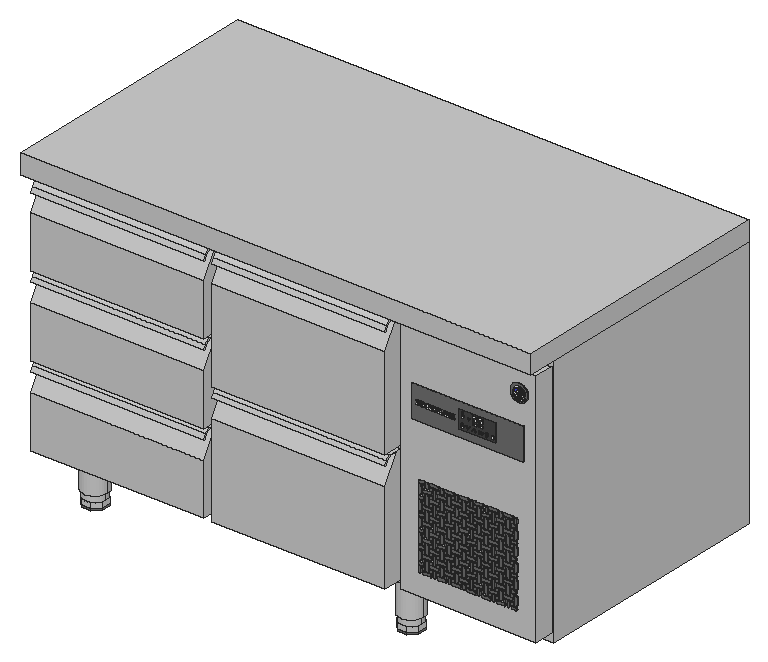
Revit family "QF_HOSHIZAKI_889000838", category Specialty Equipment, Revit 2016 (continued)
Definition of nested family "QF_HOSHIZAKI_889000838_230V_1Ph_50Hz"
  Definition of nested family "Control-panel"
    Forms (mm)
      Extrusion 1, solid
        sketch origin (-3653, 19.5, -135) x (-1, 0, 0) y (0, 0, 1)
          loop
            line (-3954.5, 317.986) -> (-3954.5, 299.986)
            arc (-3954.5, 299.986) -> (-3951, 296.486) -> (-3947.5, 299.986) r 3.5
            line (-3947.5, 299.986) -> (-3947.5, 317.986)
          loop
            arc (-3941, 312.486) -> (-3944.5, 308.986) -> (-3941, 305.486) r 3.5
            line (-3941, 305.486) -> (-3923, 305.486)
            arc (-3923, 305.486) -> (-3919.5, 308.986) -> (-3923, 312.486) r 3.5
            line (-3923, 312.486) -> (-3941, 312.486)
          loop
            arc (-3903, 312.486) -> (-3906.5, 308.986) -> (-3903, 305.486) r 3.5
            line (-3903, 305.486) -> (-3885, 305.486)
            arc (-3885, 305.486) -> (-3881.5, 308.986) -> (-3885, 312.486) r 3.5
            line (-3885, 312.486) -> (-3903, 312.486)
          loop
            arc (-3865, 312.486) -> (-3868.5, 308.986) -> (-3865, 305.486) r 3.5
            line (-3865, 305.486) -> (-3847, 305.486)
            arc (-3847, 305.486) -> (-3843.5, 308.986) -> (-3847, 312.486) r 3.5
            line (-3847, 312.486) -> (-3865, 312.486)
          loop
            arc (-3827, 312.486) -> (-3830.5, 308.986) -> (-3827, 305.486) r 3.5
            line (-3827, 305.486) -> (-3809, 305.486)
            arc (-3809, 305.486) -> (-3805.5, 308.986) -> (-3809, 312.486) r 3.5
            line (-3809, 312.486) -> (-3827, 312.486)
          loop
            arc (-3789, 312.486) -> (-3792.5, 308.986) -> (-3789, 305.486) r 3.5
            line (-3789, 305.486) -> (-3771, 305.486)
            arc (-3771, 305.486) -> (-3767.5, 308.986) -> (-3771, 312.486) r 3.5
            line (-3771, 312.486) -> (-3789, 312.486)
          loop
            arc (-3751, 312.486) -> (-3754.5, 308.986) -> (-3751, 305.486) r 3.5
            line (-3751, 305.486) -> (-3733, 305.486)
            arc (-3733, 305.486) -> (-3729.5, 308.986) -> (-3733, 312.486) r 3.5
            line (-3733, 312.486) -> (-3751, 312.486)
          loop
            arc (-3713, 312.486) -> (-3716.5, 308.986) -> (-3713, 305.486) r 3.5
            line (-3713, 305.486) -> (-3704, 305.486)
            arc (-3704, 305.486) -> (-3700.5, 308.986) -> (-3704, 312.486) r 3.5
            line (-3704, 312.486) -> (-3713, 312.486)
          loop
            line (-3938.025, 302.996) -> (-3945.025, 302.996) -> (-3945.025, 295.996) -> (-3938.025, 295.996) -> (-3938.025, 302.996)
          loop
            line (-3919.025, 302.996) -> (-3926.025, 302.996) -> (-3926.025, 295.996) -> (-3919.025, 295.996) -> (-3919.025, 302.996)
          loop
            line (-3900.025, 302.996) -> (-3907.025, 302.996) -> (-3907.025, 295.996) -> (-3900.025, 295.996) -> (-3900.025, 302.996)
          loop
            line (-3881.025, 302.996) -> (-3888.025, 302.996) -> (-3888.025, 295.996) -> (-3881.025, 295.996) -> (-3881.025, 302.996)
          loop
            line (-3862.025, 302.996) -> (-3869.025, 302.996) -> (-3869.025, 295.996) -> (-3862.025, 295.996) -> (-3862.025, 302.996)
          loop
            line (-3843.025, 302.996) -> (-3850.025, 302.996) -> (-3850.025, 295.996) -> (-3843.025, 295.996) -> (-3843.025, 302.996)
          loop
            line (-3824.025, 302.996) -> (-3831.025, 302.996) -> (-3831.025, 295.996) -> (-3824.025, 295.996) -> (-3824.025, 302.996)
          loop
            line (-3805.025, 302.996) -> (-3812.025, 302.996) -> (-3812.025, 295.996) -> (-3805.025, 295.996) -> (-3805.025, 302.996)
          loop
            line (-3786.025, 302.996) -> (-3793.025, 302.996) -> (-3793.025, 295.996) -> (-3786.025, 295.996) -> (-3786.025, 302.996)
          loop
            line (-3767.025, 302.996) -> (-3774.025, 302.996) -> (-3774.025, 295.996) -> (-3767.025, 295.996) -> (-3767.025, 302.996)
          loop
            line (-3748.025, 302.996) -> (-3755.025, 302.996) -> (-3755.025, 295.996) -> (-3748.025, 295.996) -> (-3748.025, 302.996)
          loop
            line (-3729.025, 302.996) -> (-3736.025, 302.996) -> (-3736.025, 295.996) -> (-3729.025, 295.996) -> (-3729.025, 302.996)
          loop
            line (-3710.025, 302.996) -> (-3717.025, 302.996) -> (-3717.025, 295.996) -> (-3710.025, 295.996) -> (-3710.025, 302.996)
          loop
            line (-3935.5, 298.986) -> (-3935.5, 280.986)
            arc (-3935.5, 280.986) -> (-3932, 277.486) -> (-3928.5, 280.986) r 3.5
            line (-3928.5, 280.986) -> (-3928.5, 298.986)
            arc (-3928.5, 298.986) -> (-3932, 302.486) -> (-3935.5, 298.986) r 3.5
          loop
            line (-3897.5, 298.986) -> (-3897.5, 280.986)
            arc (-3897.5, 280.986) -> (-3894, 277.486) -> (-3890.5, 280.986) r 3.5
            line (-3890.5, 280.986) -> (-3890.5, 298.986)
            arc (-3890.5, 298.986) -> (-3894, 302.486) -> (-3897.5, 298.986) r 3.5
          loop
            line (-3859.5, 298.986) -> (-3859.5, 280.986)
            arc (-3859.5, 280.986) -> (-3856, 277.486) -> (-3852.5, 280.986) r 3.5
            line (-3852.5, 280.986) -> (-3852.5, 298.986)
            arc (-3852.5, 298.986) -> (-3856, 302.486) -> (-3859.5, 298.986) r 3.5
          loop
            line (-3821.5, 298.986) -> (-3821.5, 280.986)
            arc (-3821.5, 280.986) -> (-3818, 277.486) -> (-3814.5, 280.986) r 3.5
            line (-3814.5, 280.986) -> (-3814.5, 298.986)
            arc (-3814.5, 298.986) -> (-3818, 302.486) -> (-3821.5, 298.986) r 3.5
          loop
            line (-3783.5, 298.986) -> (-3783.5, 280.986)
            arc (-3783.5, 280.986) -> (-3780, 277.486) -> (-3776.5, 280.986) r 3.5
            line (-3776.5, 280.986) -> (-3776.5, 298.986)
            arc (-3776.5, 298.986) -> (-3780, 302.486) -> (-3783.5, 298.986) r 3.5
          loop
            line (-3745.5, 298.986) -> (-3745.5, 280.986)
            arc (-3745.5, 280.986) -> (-3742, 277.486) -> (-3738.5, 280.986) r 3.5
            line (-3738.5, 280.986) -> (-3738.5, 298.986)
            arc (-3738.5, 298.986) -> (-3742, 302.486) -> (-3745.5, 298.986) r 3.5
          loop
            line (-3707.5, 298.986) -> (-3707.5, 280.986)
            arc (-3707.5, 280.986) -> (-3704, 277.486) -> (-3700.5, 280.986) r 3.5
            line (-3700.5, 280.986) -> (-3700.5, 298.986)
            arc (-3700.5, 298.986) -> (-3704, 302.486) -> (-3707.5, 298.986) r 3.5
          loop
            arc (-3922, 293.486) -> (-3925.5, 289.986) -> (-3922, 286.486) r 3.5
            line (-3922, 286.486) -> (-3904, 286.486)
            arc (-3904, 286.486) -> (-3900.5, 289.986) -> (-3904, 293.486) r 3.5
            line (-3904, 293.486) -> (-3922, 293.486)
          loop
            arc (-3884, 293.486) -> (-3887.5, 289.986) -> (-3884, 286.486) r 3.5
            line (-3884, 286.486) -> (-3866, 286.486)
            arc (-3866, 286.486) -> (-3862.5, 289.986) -> (-3866, 293.486) r 3.5
            line (-3866, 293.486) -> (-3884, 293.486)
          loop
            arc (-3846, 293.486) -> (-3849.5, 289.986) -> (-3846, 286.486) r 3.5
            line (-3846, 286.486) -> (-3828, 286.486)
            arc (-3828, 286.486) -> (-3824.5, 289.986) -> (-3828, 293.486) r 3.5
            line (-3828, 293.486) -> (-3846, 293.486)
          loop
            arc (-3808, 293.486) -> (-3811.5, 289.986) -> (-3808, 286.486) r 3.5
            line (-3808, 286.486) -> (-3790, 286.486)
            arc (-3790, 286.486) -> (-3786.5, 289.986) -> (-3790, 293.486) r 3.5
            line (-3790, 293.486) -> (-3808, 293.486)
          loop
            arc (-3770, 293.486) -> (-3773.5, 289.986) -> (-3770, 286.486) r 3.5
            line (-3770, 286.486) -> (-3752, 286.486)
            arc (-3752, 286.486) -> (-3748.5, 289.986) -> (-3752, 293.486) r 3.5
            line (-3752, 293.486) -> (-3770, 293.486)
          loop
            arc (-3732, 293.486) -> (-3735.5, 289.986) -> (-3732, 286.486) r 3.5
            line (-3732, 286.486) -> (-3714, 286.486)
            arc (-3714, 286.486) -> (-3710.5, 289.986) -> (-3714, 293.486) r 3.5
            line (-3714, 293.486) -> (-3732, 293.486)
          loop
            line (-3938.025, 276.976) -> (-3938.025, 283.976) -> (-3945.025, 283.976) -> (-3945.025, 276.976) -> (-3938.025, 276.976)
          loop
            line (-3919.025, 276.976) -> (-3919.025, 283.976) -> (-3926.025, 283.976) -> (-3926.025, 276.976) -> (-3919.025, 276.976)
          loop
            line (-3900.025, 276.976) -> (-3900.025, 283.976) -> (-3907.025, 283.976) -> (-3907.025, 276.976) -> (-3900.025, 276.976)
          loop
            line (-3881.025, 276.976) -> (-3881.025, 283.976) -> (-3888.025, 283.976) -> (-3888.025, 276.976) -> (-3881.025, 276.976)
          loop
            line (-3862.025, 276.976) -> (-3862.025, 283.976) -> (-3869.025, 283.976) -> (-3869.025, 276.976) -> (-3862.025, 276.976)
          loop
            line (-3843.025, 276.976) -> (-3843.025, 283.976) -> (-3850.025, 283.976) -> (-3850.025, 276.976) -> (-3843.025, 276.976)
          loop
            line (-3824.025, 276.976) -> (-3824.025, 283.976) -> (-3831.025, 283.976) -> (-3831.025, 276.976) -> (-3824.025, 276.976)
          loop
            line (-3805.025, 276.976) -> (-3805.025, 283.976) -> (-3812.025, 283.976) -> (-3812.025, 276.976) -> (-3805.025, 276.976)
          loop
            line (-3786.025, 276.976) -> (-3786.025, 283.976) -> (-3793.025, 283.976) -> (-3793.025, 276.976) -> (-3786.025, 276.976)
          loop
            line (-3767.025, 276.976) -> (-3767.025, 283.976) -> (-3774.025, 283.976) -> (-3774.025, 276.976) -> (-3767.025, 276.976)
          loop
            line (-3748.025, 276.976) -> (-3748.025, 283.976) -> (-3755.025, 283.976) -> (-3755.025, 276.976) -> (-3748.025, 276.976)
          loop
            line (-3729.025, 276.976) -> (-3729.025, 283.976) -> (-3736.025, 283.976) -> (-3736.025, 276.976) -> (-3729.025, 276.976)
          loop
            line (-3710.025, 276.976) -> (-3710.025, 283.976) -> (-3717.025, 283.976) -> (-3717.025, 276.976) -> (-3710.025, 276.976)
          loop
            arc (-3719.5, 279.986) -> (-3723, 283.486) -> (-3726.5, 279.986) r 3.5
            line (-3726.5, 279.986) -> (-3726.5, 261.986)
            arc (-3726.5, 261.986) -> (-3723, 258.486) -> (-3719.5, 261.986) r 3.5
            line (-3719.5, 261.986) -> (-3719.5, 279.986)
          loop
            arc (-3757.5, 279.986) -> (-3761, 283.486) -> (-3764.5, 279.986) r 3.5
            line (-3764.5, 279.986) -> (-3764.5, 261.986)
            arc (-3764.5, 261.986) -> (-3761, 258.486) -> (-3757.5, 261.986) r 3.5
            line (-3757.5, 261.986) -> (-3757.5, 279.986)
          loop
            arc (-3795.5, 279.986) -> (-3799, 283.486) -> (-3802.5, 279.986) r 3.5
            line (-3802.5, 279.986) -> (-3802.5, 261.986)
            arc (-3802.5, 261.986) -> (-3799, 258.486) -> (-3795.5, 261.986) r 3.5
            line (-3795.5, 261.986) -> (-3795.5, 279.986)
          loop
            arc (-3833.5, 279.986) -> (-3837, 283.486) -> (-3840.5, 279.986) r 3.5
            line (-3840.5, 279.986) -> (-3840.5, 261.986)
            arc (-3840.5, 261.986) -> (-3837, 258.486) -> (-3833.5, 261.986) r 3.5
            line (-3833.5, 261.986) -> (-3833.5, 279.986)
          loop
            arc (-3871.5, 279.986) -> (-3875, 283.486) -> (-3878.5, 279.986) r 3.5
            line (-3878.5, 279.986) -> (-3878.5, 261.986)
            arc (-3878.5, 261.986) -> (-3875, 258.486) -> (-3871.5, 261.986) r 3.5
            line (-3871.5, 261.986) -> (-3871.5, 279.986)
          loop
            arc (-3909.5, 279.986) -> (-3913, 283.486) -> (-3916.5, 279.986) r 3.5
            line (-3916.5, 279.986) -> (-3916.5, 261.986)
            arc (-3916.5, 261.986) -> (-3913, 258.486) -> (-3909.5, 261.986) r 3.5
            line (-3909.5, 261.986) -> (-3909.5, 279.986)
          loop
            arc (-3951, 292.986) -> (-3954, 289.986) -> (-3951, 286.986) r 3
            line (-3951, 286.986) -> (-3942, 286.986)
            arc (-3942, 286.986) -> (-3939, 289.986) -> (-3942, 292.986) r 3
            line (-3942, 292.986) -> (-3951, 292.986)
          loop
            arc (-3947.5, 279.986) -> (-3951, 283.486) -> (-3954.5, 279.986) r 3.5
            line (-3954.5, 279.986) -> (-3954.5, 261.986)
            arc (-3954.5, 261.986) -> (-3951, 258.486) -> (-3947.5, 261.986) r 3.5
            line (-3947.5, 261.986) -> (-3947.5, 279.986)
          loop
            arc (-3941, 274.486) -> (-3944.5, 270.986) -> (-3941, 267.486) r 3.5
            line (-3941, 267.486) -> (-3923, 267.486)
            arc (-3923, 267.486) -> (-3919.5, 270.986) -> (-3923, 274.486) r 3.5
            line (-3923, 274.486) -> (-3941, 274.486)
          loop
            arc (-3903, 274.486) -> (-3906.5, 270.986) -> (-3903, 267.486) r 3.5
            line (-3903, 267.486) -> (-3885, 267.486)
            arc (-3885, 267.486) -> (-3881.5, 270.986) -> (-3885, 274.486) r 3.5
            line (-3885, 274.486) -> (-3903, 274.486)
          loop
            arc (-3865, 274.486) -> (-3868.5, 270.986) -> (-3865, 267.486) r 3.5
            line (-3865, 267.486) -> (-3847, 267.486)
            arc (-3847, 267.486) -> (-3843.5, 270.986) -> (-3847, 274.486) r 3.5
            line (-3847, 274.486) -> (-3865, 274.486)
          loop
            arc (-3827, 274.486) -> (-3830.5, 270.986) -> (-3827, 267.486) r 3.5
            line (-3827, 267.486) -> (-3809, 267.486)
            arc (-3809, 267.486) -> (-3805.5, 270.986) -> (-3809, 274.486) r 3.5
            line (-3809, 274.486) -> (-3827, 274.486)
          loop
            arc (-3789, 274.486) -> (-3792.5, 270.986) -> (-3789, 267.486) r 3.5
            line (-3789, 267.486) -> (-3771, 267.486)
            arc (-3771, 267.486) -> (-3767.5, 270.986) -> (-3771, 274.486) r 3.5
            line (-3771, 274.486) -> (-3789, 274.486)
          loop
            arc (-3751, 274.486) -> (-3754.5, 270.986) -> (-3751, 267.486) r 3.5
            line (-3751, 267.486) -> (-3733, 267.486)
            arc (-3733, 267.486) -> (-3729.5, 270.986) -> (-3733, 274.486) r 3.5
            line (-3733, 274.486) -> (-3751, 274.486)
          loop
            arc (-3713, 274.486) -> (-3716.5, 270.986) -> (-3713, 267.486) r 3.5
            line (-3713, 267.486) -> (-3704, 267.486)
            arc (-3704, 267.486) -> (-3700.5, 270.986) -> (-3704, 274.486) r 3.5
            line (-3704, 274.486) -> (-3713, 274.486)
          loop
            line (-3938.025, 264.996) -> (-3945.025, 264.996) -> (-3945.025, 257.996) -> (-3938.025, 257.996) -> (-3938.025, 264.996)
          loop
            line (-3919.025, 264.996) -> (-3926.025, 264.996) -> (-3926.025, 257.996) -> (-3919.025, 257.996) -> (-3919.025, 264.996)
          loop
            line (-3900.025, 264.996) -> (-3907.025, 264.996) -> (-3907.025, 257.996) -> (-3900.025, 257.996) -> (-3900.025, 264.996)
          loop
            line (-3881.025, 264.996) -> (-3888.025, 264.996) -> (-3888.025, 257.996) -> (-3881.025, 257.996) -> (-3881.025, 264.996)
          loop
            line (-3862.025, 264.996) -> (-3869.025, 264.996) -> (-3869.025, 257.996) -> (-3862.025, 257.996) -> (-3862.025, 264.996)
          loop
            line (-3843.025, 264.996) -> (-3850.025, 264.996) -> (-3850.025, 257.996) -> (-3843.025, 257.996) -> (-3843.025, 264.996)
          loop
            line (-3824.025, 264.996) -> (-3831.025, 264.996) -> (-3831.025, 257.996) -> (-3824.025, 257.996) -> (-3824.025, 264.996)
          loop
            line (-3805.025, 264.996) -> (-3812.025, 264.996) -> (-3812.025, 257.996) -> (-3805.025, 257.996) -> (-3805.025, 264.996)
          loop
            line (-3786.025, 264.996) -> (-3793.025, 264.996) -> (-3793.025, 257.996) -> (-3786.025, 257.996) -> (-3786.025, 264.996)
          loop
            line (-3767.025, 264.996) -> (-3774.025, 264.996) -> (-3774.025, 257.996) -> (-3767.025, 257.996) -> (-3767.025, 264.996)
          loop
            line (-3748.025, 264.996) -> (-3755.025, 264.996) -> (-3755.025, 257.996) -> (-3748.025, 257.996) -> (-3748.025, 264.996)
          loop
            line (-3729.025, 264.996) -> (-3736.025, 264.996) -> (-3736.025, 257.996) -> (-3729.025, 257.996) -> (-3729.025, 264.996)
          loop
            line (-3710.025, 264.996) -> (-3717.025, 264.996) -> (-3717.025, 257.996) -> (-3710.025, 257.996) -> (-3710.025, 264.996)
          loop
            line (-3935.5, 260.986) -> (-3935.5, 242.986)
            arc (-3935.5, 242.986) -> (-3932, 239.486) -> (-3928.5, 242.986) r 3.5
            line (-3928.5, 242.986) -> (-3928.5, 260.986)
            arc (-3928.5, 260.986) -> (-3932, 264.486) -> (-3935.5, 260.986) r 3.5
          loop
            line (-3897.5, 260.986) -> (-3897.5, 242.986)
            arc (-3897.5, 242.986) -> (-3894, 239.486) -> (-3890.5, 242.986) r 3.5
            line (-3890.5, 242.986) -> (-3890.5, 260.986)
            arc (-3890.5, 260.986) -> (-3894, 264.486) -> (-3897.5, 260.986) r 3.5
          loop
            line (-3859.5, 260.986) -> (-3859.5, 242.986)
            arc (-3859.5, 242.986) -> (-3856, 239.486) -> (-3852.5, 242.986) r 3.5
            line (-3852.5, 242.986) -> (-3852.5, 260.986)
            arc (-3852.5, 260.986) -> (-3856, 264.486) -> (-3859.5, 260.986) r 3.5
          loop
            line (-3821.5, 260.986) -> (-3821.5, 242.986)
            arc (-3821.5, 242.986) -> (-3818, 239.486) -> (-3814.5, 242.986) r 3.5
            line (-3814.5, 242.986) -> (-3814.5, 260.986)
            arc (-3814.5, 260.986) -> (-3818, 264.486) -> (-3821.5, 260.986) r 3.5
          loop
            line (-3783.5, 260.986) -> (-3783.5, 242.986)
            arc (-3783.5, 242.986) -> (-3780, 239.486) -> (-3776.5, 242.986) r 3.5
            line (-3776.5, 242.986) -> (-3776.5, 260.986)
            arc (-3776.5, 260.986) -> (-3780, 264.486) -> (-3783.5, 260.986) r 3.5
          loop
            line (-3745.5, 260.986) -> (-3745.5, 242.986)
            arc (-3745.5, 242.986) -> (-3742, 239.486) -> (-3738.5, 242.986) r 3.5
            line (-3738.5, 242.986) -> (-3738.5, 260.986)
            arc (-3738.5, 260.986) -> (-3742, 264.486) -> (-3745.5, 260.986) r 3.5
          loop
            line (-3707.5, 260.986) -> (-3707.5, 242.986)
            arc (-3707.5, 242.986) -> (-3704, 239.486) -> (-3700.5, 242.986) r 3.5
            line (-3700.5, 242.986) -> (-3700.5, 260.986)
            arc (-3700.5, 260.986) -> (-3704, 264.486) -> (-3707.5, 260.986) r 3.5
          loop
            arc (-3922, 255.486) -> (-3925.5, 251.986) -> (-3922, 248.486) r 3.5
            line (-3922, 248.486) -> (-3904, 248.486)
            arc (-3904, 248.486) -> (-3900.5, 251.986) -> (-3904, 255.486) r 3.5
            line (-3904, 255.486) -> (-3922, 255.486)
          loop
            arc (-3884, 255.486) -> (-3887.5, 251.986) -> (-3884, 248.486) r 3.5
            line (-3884, 248.486) -> (-3866, 248.486)
            arc (-3866, 248.486) -> (-3862.5, 251.986) -> (-3866, 255.486) r 3.5
            line (-3866, 255.486) -> (-3884, 255.486)
          loop
            arc (-3846, 255.486) -> (-3849.5, 251.986) -> (-3846, 248.486) r 3.5
            line (-3846, 248.486) -> (-3828, 248.486)
            arc (-3828, 248.486) -> (-3824.5, 251.986) -> (-3828, 255.486) r 3.5
            line (-3828, 255.486) -> (-3846, 255.486)
          loop
            arc (-3808, 255.486) -> (-3811.5, 251.986) -> (-3808, 248.486) r 3.5
            line (-3808, 248.486) -> (-3790, 248.486)
            arc (-3790, 248.486) -> (-3786.5, 251.986) -> (-3790, 255.486) r 3.5
            line (-3790, 255.486) -> (-3808, 255.486)
          loop
            arc (-3770, 255.486) -> (-3773.5, 251.986) -> (-3770, 248.486) r 3.5
            line (-3770, 248.486) -> (-3752, 248.486)
            arc (-3752, 248.486) -> (-3748.5, 251.986) -> (-3752, 255.486) r 3.5
            line (-3752, 255.486) -> (-3770, 255.486)
          loop
            arc (-3732, 255.486) -> (-3735.5, 251.986) -> (-3732, 248.486) r 3.5
            line (-3732, 248.486) -> (-3714, 248.486)
            arc (-3714, 248.486) -> (-3710.5, 251.986) -> (-3714, 255.486) r 3.5
            line (-3714, 255.486) -> (-3732, 255.486)
          loop
            line (-3938.025, 238.976) -> (-3938.025, 245.976) -> (-3945.025, 245.976) -> (-3945.025, 238.976) -> (-3938.025, 238.976)
          loop
            line (-3919.025, 238.976) -> (-3919.025, 245.976) -> (-3926.025, 245.976) -> (-3926.025, 238.976) -> (-3919.025, 238.976)
          loop
            line (-3900.025, 238.976) -> (-3900.025, 245.976) -> (-3907.025, 245.976) -> (-3907.025, 238.976) -> (-3900.025, 238.976)
          loop
            line (-3881.025, 238.976) -> (-3881.025, 245.976) -> (-3888.025, 245.976) -> (-3888.025, 238.976) -> (-3881.025, 238.976)
          loop
            line (-3862.025, 238.976) -> (-3862.025, 245.976) -> (-3869.025, 245.976) -> (-3869.025, 238.976) -> (-3862.025, 238.976)
          loop
            line (-3843.025, 238.976) -> (-3843.025, 245.976) -> (-3850.025, 245.976) -> (-3850.025, 238.976) -> (-3843.025, 238.976)
          loop
            line (-3824.025, 238.976) -> (-3824.025, 245.976) -> (-3831.025, 245.976) -> (-3831.025, 238.976) -> (-3824.025, 238.976)
          loop
            line (-3805.025, 238.976) -> (-3805.025, 245.976) -> (-3812.025, 245.976) -> (-3812.025, 238.976) -> (-3805.025, 238.976)
          loop
            line (-3786.025, 238.976) -> (-3786.025, 245.976) -> (-3793.025, 245.976) -> (-3793.025, 238.976) -> (-3786.025, 238.976)
          loop
            line (-3767.025, 238.976) -> (-3767.025, 245.976) -> (-3774.025, 245.976) -> (-3774.025, 238.976) -> (-3767.025, 238.976)
          loop
            line (-3748.025, 238.976) -> (-3748.025, 245.976) -> (-3755.025, 245.976) -> (-3755.025, 238.976) -> (-3748.025, 238.976)
          loop
            line (-3729.025, 238.976) -> (-3729.025, 245.976) -> (-3736.025, 245.976) -> (-3736.025, 238.976) -> (-3729.025, 238.976)
          loop
            line (-3710.025, 238.976) -> (-3710.025, 245.976) -> (-3717.025, 245.976) -> (-3717.025, 238.976) -> (-3710.025, 238.976)
          loop
            arc (-3719.5, 241.986) -> (-3723, 245.486) -> (-3726.5, 241.986) r 3.5
            line (-3726.5, 241.986) -> (-3726.5, 223.986)
            arc (-3726.5, 223.986) -> (-3723, 220.486) -> (-3719.5, 223.986) r 3.5
            line (-3719.5, 223.986) -> (-3719.5, 241.986)
          loop
            arc (-3757.5, 241.986) -> (-3761, 245.486) -> (-3764.5, 241.986) r 3.5
            line (-3764.5, 241.986) -> (-3764.5, 223.986)
            arc (-3764.5, 223.986) -> (-3761, 220.486) -> (-3757.5, 223.986) r 3.5
            line (-3757.5, 223.986) -> (-3757.5, 241.986)
          loop
            arc (-3795.5, 241.986) -> (-3799, 245.486) -> (-3802.5, 241.986) r 3.5
            line (-3802.5, 241.986) -> (-3802.5, 223.986)
            arc (-3802.5, 223.986) -> (-3799, 220.486) -> (-3795.5, 223.986) r 3.5
            line (-3795.5, 223.986) -> (-3795.5, 241.986)
          loop
            arc (-3833.5, 241.986) -> (-3837, 245.486) -> (-3840.5, 241.986) r 3.5
            line (-3840.5, 241.986) -> (-3840.5, 223.986)
            arc (-3840.5, 223.986) -> (-3837, 220.486) -> (-3833.5, 223.986) r 3.5
            line (-3833.5, 223.986) -> (-3833.5, 241.986)
          loop
            arc (-3871.5, 241.986) -> (-3875, 245.486) -> (-3878.5, 241.986) r 3.5
            line (-3878.5, 241.986) -> (-3878.5, 223.986)
            arc (-3878.5, 223.986) -> (-3875, 220.486) -> (-3871.5, 223.986) r 3.5
            line (-3871.5, 223.986) -> (-3871.5, 241.986)
          loop
            arc (-3909.5, 241.986) -> (-3913, 245.486) -> (-3916.5, 241.986) r 3.5
            line (-3916.5, 241.986) -> (-3916.5, 223.986)
            arc (-3916.5, 223.986) -> (-3913, 220.486) -> (-3909.5, 223.986) r 3.5
            line (-3909.5, 223.986) -> (-3909.5, 241.986)
          loop
            arc (-3951, 254.986) -> (-3954, 251.986) -> (-3951, 248.986) r 3
            line (-3951, 248.986) -> (-3942, 248.986)
            arc (-3942, 248.986) -> (-3939, 251.986) -> (-3942, 254.986) r 3
            line (-3942, 254.986) -> (-3951, 254.986)
          loop
            arc (-3947.5, 241.986) -> (-3951, 245.486) -> (-3954.5, 241.986) r 3.5
            line (-3954.5, 241.986) -> (-3954.5, 223.986)
            arc (-3954.5, 223.986) -> (-3951, 220.486) -> (-3947.5, 223.986) r 3.5
            line (-3947.5, 223.986) -> (-3947.5, 241.986)
          loop
            arc (-3941, 236.486) -> (-3944.5, 232.986) -> (-3941, 229.486) r 3.5
            line (-3941, 229.486) -> (-3923, 229.486)
            arc (-3923, 229.486) -> (-3919.5, 232.986) -> (-3923, 236.486) r 3.5
            line (-3923, 236.486) -> (-3941, 236.486)
          loop
            arc (-3903, 236.486) -> (-3906.5, 232.986) -> (-3903, 229.486) r 3.5
            line (-3903, 229.486) -> (-3885, 229.486)
            arc (-3885, 229.486) -> (-3881.5, 232.986) -> (-3885, 236.486) r 3.5
            line (-3885, 236.486) -> (-3903, 236.486)
          loop
            arc (-3865, 236.486) -> (-3868.5, 232.986) -> (-3865, 229.486) r 3.5
            line (-3865, 229.486) -> (-3847, 229.486)
            arc (-3847, 229.486) -> (-3843.5, 232.986) -> (-3847, 236.486) r 3.5
            line (-3847, 236.486) -> (-3865, 236.486)
          loop
            arc (-3827, 236.486) -> (-3830.5, 232.986) -> (-3827, 229.486) r 3.5
            line (-3827, 229.486) -> (-3809, 229.486)
            arc (-3809, 229.486) -> (-3805.5, 232.986) -> (-3809, 236.486) r 3.5
            line (-3809, 236.486) -> (-3827, 236.486)
          loop
            arc (-3789, 236.486) -> (-3792.5, 232.986) -> (-3789, 229.486) r 3.5
            line (-3789, 229.486) -> (-3771, 229.486)
            arc (-3771, 229.486) -> (-3767.5, 232.986) -> (-3771, 236.486) r 3.5
            line (-3771, 236.486) -> (-3789, 236.486)
          loop
            arc (-3751, 236.486) -> (-3754.5, 232.986) -> (-3751, 229.486) r 3.5
            line (-3751, 229.486) -> (-3733, 229.486)
            arc (-3733, 229.486) -> (-3729.5, 232.986) -> (-3733, 236.486) r 3.5
            line (-3733, 236.486) -> (-3751, 236.486)
          loop
            arc (-3713, 236.486) -> (-3716.5, 232.986) -> (-3713, 229.486) r 3.5
            line (-3713, 229.486) -> (-3704, 229.486)
            arc (-3704, 229.486) -> (-3700.5, 232.986) -> (-3704, 236.486) r 3.5
            line (-3704, 236.486) -> (-3713, 236.486)
          loop
            line (-3938.025, 226.996) -> (-3945.025, 226.996) -> (-3945.025, 219.996) -> (-3938.025, 219.996) -> (-3938.025, 226.996)
          loop
            line (-3919.025, 226.996) -> (-3926.025, 226.996) -> (-3926.025, 219.996) -> (-3919.025, 219.996) -> (-3919.025, 226.996)
          loop
            line (-3900.025, 226.996) -> (-3907.025, 226.996) -> (-3907.025, 219.996) -> (-3900.025, 219.996) -> (-3900.025, 226.996)
          loop
            line (-3881.025, 226.996) -> (-3888.025, 226.996) -> (-3888.025, 219.996) -> (-3881.025, 219.996) -> (-3881.025, 226.996)
          loop
            line (-3862.025, 226.996) -> (-3869.025, 226.996) -> (-3869.025, 219.996) -> (-3862.025, 219.996) -> (-3862.025, 226.996)
          loop
            line (-3843.025, 226.996) -> (-3850.025, 226.996) -> (-3850.025, 219.996) -> (-3843.025, 219.996) -> (-3843.025, 226.996)
          loop
            line (-3824.025, 226.996) -> (-3831.025, 226.996) -> (-3831.025, 219.996) -> (-3824.025, 219.996) -> (-3824.025, 226.996)
          loop
            line (-3805.025, 226.996) -> (-3812.025, 226.996) -> (-3812.025, 219.996) -> (-3805.025, 219.996) -> (-3805.025, 226.996)
          loop
            line (-3786.025, 226.996) -> (-3793.025, 226.996) -> (-3793.025, 219.996) -> (-3786.025, 219.996) -> (-3786.025, 226.996)
          loop
            line (-3767.025, 226.996) -> (-3774.025, 226.996) -> (-3774.025, 219.996) -> (-3767.025, 219.996) -> (-3767.025, 226.996)
          loop
            line (-3748.025, 226.996) -> (-3755.025, 226.996) -> (-3755.025, 219.996) -> (-3748.025, 219.996) -> (-3748.025, 226.996)
          loop
            line (-3729.025, 226.996) -> (-3736.025, 226.996) -> (-3736.025, 219.996) -> (-3729.025, 219.996) -> (-3729.025, 226.996)
          loop
            line (-3710.025, 226.996) -> (-3717.025, 226.996) -> (-3717.025, 219.996) -> (-3710.025, 219.996) -> (-3710.025, 226.996)
          loop
            arc (-3922, 217.486) -> (-3925.5, 213.986) -> (-3922, 210.486) r 3.5
            line (-3922, 210.486) -> (-3904, 210.486)
            arc (-3904, 210.486) -> (-3900.5, 213.986) -> (-3904, 217.486) r 3.5
            line (-3904, 217.486) -> (-3922, 217.486)
          loop
            arc (-3884, 217.486) -> (-3887.5, 213.986) -> (-3884, 210.486) r 3.5
            line (-3884, 210.486) -> (-3866, 210.486)
            arc (-3866, 210.486) -> (-3862.5, 213.986) -> (-3866, 217.486) r 3.5
            line (-3866, 217.486) -> (-3884, 217.486)
          loop
            arc (-3846, 217.486) -> (-3849.5, 213.986) -> (-3846, 210.486) r 3.5
            line (-3846, 210.486) -> (-3828, 210.486)
            arc (-3828, 210.486) -> (-3824.5, 213.986) -> (-3828, 217.486) r 3.5
            line (-3828, 217.486) -> (-3846, 217.486)
          loop
            arc (-3808, 217.486) -> (-3811.5, 213.986) -> (-3808, 210.486) r 3.5
            line (-3808, 210.486) -> (-3790, 210.486)
            arc (-3790, 210.486) -> (-3786.5, 213.986) -> (-3790, 217.486) r 3.5
            line (-3790, 217.486) -> (-3808, 217.486)
          loop
            arc (-3770, 217.486) -> (-3773.5, 213.986) -> (-3770, 210.486) r 3.5
            line (-3770, 210.486) -> (-3752, 210.486)
            arc (-3752, 210.486) -> (-3748.5, 213.986) -> (-3752, 217.486) r 3.5
            line (-3752, 217.486) -> (-3770, 217.486)
          loop
            arc (-3732, 217.486) -> (-3735.5, 213.986) -> (-3732, 210.486) r 3.5
            line (-3732, 210.486) -> (-3714, 210.486)
            arc (-3714, 210.486) -> (-3710.5, 213.986) -> (-3714, 217.486) r 3.5
            line (-3714, 217.486) -> (-3732, 217.486)
          loop
            arc (-3951, 216.986) -> (-3954, 213.986) -> (-3951, 210.986) r 3
            line (-3951, 210.986) -> (-3942, 210.986)
            arc (-3942, 210.986) -> (-3939, 213.986) -> (-3942, 216.986) r 3
            line (-3942, 216.986) -> (-3951, 216.986)
          loop
            arc (-3701, 223.486) -> (-3704, 226.486) -> (-3707, 223.486) r 3
            line (-3707, 223.486) -> (-3707, 214.486)
            arc (-3707, 214.486) -> (-3704, 211.486) -> (-3701, 214.486) r 3
            line (-3701, 214.486) -> (-3701, 223.486)
          loop
            arc (-3739, 223.486) -> (-3742, 226.486) -> (-3745, 223.486) r 3
            line (-3745, 223.486) -> (-3745, 214.486)
            arc (-3745, 214.486) -> (-3742, 211.486) -> (-3739, 214.486) r 3
            line (-3739, 214.486) -> (-3739, 223.486)
          loop
            arc (-3777, 223.486) -> (-3780, 226.486) -> (-3783, 223.486) r 3
            line (-3783, 223.486) -> (-3783, 214.486)
            arc (-3783, 214.486) -> (-3780, 211.486) -> (-3777, 214.486) r 3
            line (-3777, 214.486) -> (-3777, 223.486)
          loop
            arc (-3815, 223.486) -> (-3818, 226.486) -> (-3821, 223.486) r 3
            line (-3821, 223.486) -> (-3821, 214.486)
            arc (-3821, 214.486) -> (-3818, 211.486) -> (-3815, 214.486) r 3
            line (-3815, 214.486) -> (-3815, 223.486)
          loop
            arc (-3853, 223.486) -> (-3856, 226.486) -> (-3859, 223.486) r 3
            line (-3859, 223.486) -> (-3859, 214.486)
            arc (-3859, 214.486) -> (-3856, 211.486) -> (-3853, 214.486) r 3
            line (-3853, 214.486) -> (-3853, 223.486)
          loop
            arc (-3891, 223.486) -> (-3894, 226.486) -> (-3897, 223.486) r 3
            line (-3897, 223.486) -> (-3897, 214.486)
            arc (-3897, 214.486) -> (-3894, 211.486) -> (-3891, 214.486) r 3
            line (-3891, 214.486) -> (-3891, 223.486)
          loop
            arc (-3929, 223.486) -> (-3932, 226.486) -> (-3935, 223.486) r 3
            line (-3935, 223.486) -> (-3935, 214.486)
            arc (-3935, 214.486) -> (-3932, 211.486) -> (-3929, 214.486) r 3
            line (-3929, 214.486) -> (-3929, 223.486)
        from 5.5 to 7.5
      Extrusion 2, solid
        sketch origin (-1812, 19.5, -302.5) x (-1, 0, 0) y (0, 0, 1)
          loop
            line (-2131, 808) -> (-2131, 731)
            arc (-2131, 731) -> (-2130.121, 728.879) -> (-2128, 728) r 3
            line (-2128, 728) -> (-1845, 728)
            arc (-1845, 728) -> (-1842.879, 728.879) -> (-1842, 731) r 3
            line (-1842, 731) -> (-1842, 808)
            arc (-1842, 808) -> (-1842.879, 810.121) -> (-1845, 811) r 3
            line (-1845, 811) -> (-2128, 811)
            arc (-2128, 811) -> (-2130.121, 810.121) -> (-2131, 808) r 3
        from 5.5 to 7.5
      Extrusion 3, solid
        sketch origin (-1721.829, 19.5, -302.5) x (-1, 0, 0) y (0, 0, 1)
          loop
            line (-1873, 793) -> (-1968.159, 793) -> (-1968.159, 746) -> (-1873, 746) -> (-1873, 793)
        from 5 to 7.5
      Extrusion 4, solid, visible <- "Show Logo"
        sketch origin (-1807, 19.5, -188.5) x (-1, 0, 0) y (0, 0, 1)
          loop
            circle (-2113.5, 769.5) r 13.99
        from 4.5 to 6
      Extrusion 5, solid, visible <- "Show Logo"
        sketch origin (-1807, 19.5, -188.5) x (-1, 0, 0) y (0, 0, 1)
          loop
            circle (-2113.5, 769.5) r 15
          loop
            line (-2126.5, 769.5) -> (-2120.846, 773.459) -> (-2118.907, 773.459) -> (-2118.036, 763.497) -> (-2119.632, 763.497) -> (-2117.808, 760.891) -> (-2122.091, 759.743)
            arc (-2122.091, 759.743) -> (-2112.99, 756.51) -> (-2104.171, 760.446) r 13
            line (-2104.171, 760.446) -> (-2111.913, 760.446) -> (-2113.024, 758.523) -> (-2117.6, 758.523) -> (-2113.951, 764.843) -> (-2112.168, 762.297) -> (-2110.969, 763.497) -> (-2112.161, 767.945) -> (-2112.983, 771.014) -> (-2114.045, 774.979) -> (-2115.629, 777.241) -> (-2111.344, 777.241) -> (-2110.01, 772.26) -> (-2108.361, 772.26) -> (-2107.029, 770.928) -> (-2104.038, 769.201) -> (-2103.03, 765.437) -> (-2100.604, 767.863)
            arc (-2100.604, 767.863) -> (-2112.68, 782.474) -> (-2126.5, 769.5) r 13
          loop
            arc (-2125.531, 764.467) -> (-2124.506, 762.602) -> (-2123.241, 760.891) r 15.828
            line (-2123.241, 760.891) -> (-2121.071, 768.926) -> (-2125.531, 764.467)
          loop
            line (-2109.801, 769.877) -> (-2109.801, 764.664) -> (-2108.483, 768.285) -> (-2106.744, 769.399) -> (-2109.801, 769.877)
          loop
            line (-2108.558, 762.979) -> (-2105.47, 762.035) -> (-2104.504, 761.224) -> (-2103.812, 761.916) -> (-2105.089, 763.908) -> (-2108.558, 762.979)
          loop
            line (-2110.775, 779.307) -> (-2108.457, 780.388) -> (-2110.775, 781.009) -> (-2110.775, 779.307)
          loop
            line (-2113.024, 781.662) -> (-2115.087, 781.11) -> (-2114.199, 779.205) -> (-2112.584, 779.638) -> (-2113.79, 780.335) -> (-2113.024, 781.662)
          loop
            line (-2113.762, 753.783) -> (-2114.844, 752.701) -> (-2116.385, 752.701) -> (-2115.329, 751.645) -> (-2115.642, 749.874) -> (-2113.762, 750.959) -> (-2111.881, 749.874) -> (-2112.194, 751.645) -> (-2111.138, 752.701) -> (-2112.679, 752.701) -> (-2113.762, 753.783)
          loop
            line (-2126.524, 760.7) -> (-2128.032, 760.965) -> (-2128.916, 762.228) -> (-2129.176, 760.757) -> (-2130.805, 759.997) -> (-2128.838, 759.08) -> (-2128.648, 756.917) -> (-2127.377, 758.188) -> (-2125.906, 757.929) -> (-2126.79, 759.191) -> (-2126.524, 760.7)
          loop
            line (-2120.989, 755.68) -> (-2122.45, 755.219) -> (-2123.816, 755.931) -> (-2123.367, 754.507) -> (-2124.462, 753.08) -> (-2122.293, 753.175) -> (-2121.127, 751.344) -> (-2120.586, 753.059) -> (-2119.162, 753.508) -> (-2120.529, 754.219) -> (-2120.989, 755.68)
          loop
            line (-2100.476, 760.7) -> (-2100.21, 759.191) -> (-2101.094, 757.929) -> (-2099.623, 758.188) -> (-2098.352, 756.917) -> (-2098.162, 759.08) -> (-2096.195, 759.997) -> (-2097.824, 760.757) -> (-2098.084, 762.228) -> (-2098.968, 760.965) -> (-2100.476, 760.7)
          loop
            line (-2106.011, 755.68) -> (-2106.471, 754.219) -> (-2107.838, 753.508) -> (-2106.414, 753.059) -> (-2105.873, 751.344) -> (-2104.707, 753.175) -> (-2102.538, 753.08) -> (-2103.633, 754.507) -> (-2103.184, 755.931) -> (-2104.55, 755.219) -> (-2106.011, 755.68)
        from 4 to 6
      Extrusion 6, solid, visible <- "Show Logo"
        sketch origin (-1807, 19.5, -188.5) x (-1, 0, 0) y (0, 0, 1)
          loop
            line (-2110.775, 781.009) -> (-2112.201, 782.435)
            arc (-2112.201, 782.435) -> (-2113.187, 782.496) -> (-2114.172, 782.435) r 8.046
            arc (-2114.172, 782.435) -> (-2116.517, 781.025) -> (-2117.04, 778.339) r 3.366
            line (-2117.04, 778.339) -> (-2118.907, 773.459) -> (-2117.808, 760.891) -> (-2119.436, 758.565) -> (-2117.576, 758.565) -> (-2113.951, 764.843) -> (-2112.168, 762.297) -> (-2110.969, 763.497) -> (-2114.045, 774.979) -> (-2115.629, 777.241) -> (-2111.299, 777.241) -> (-2110.775, 779.307) -> (-2110.775, 781.009)
          loop
            line (-2116.531, 758.523) -> (-2117.14, 757.468) -> (-2111.822, 757.468) -> (-2112.761, 758.407) -> (-2109.605, 758.407) -> (-2110.682, 759.485) -> (-2112.469, 759.485) -> (-2113.024, 758.523) -> (-2116.531, 758.523)
          loop
            line (-2113.024, 781.662) -> (-2115.087, 781.11) -> (-2114.199, 779.205) -> (-2112.584, 779.638) -> (-2113.79, 780.335) -> (-2113.024, 781.662)
        from 4 to 6
      Extrusion 7, solid, visible <- "Show Logo"
        sketch origin (-1807, 19.5, -188.5) x (-1, 0, 0) y (0, 0, 1)
          loop
            circle (-2113.5, 769.5) r 22.5
        from 5 to 7.5
      Extrusion 8, solid
        sketch origin (-1721.829, 19.5, -302.5) x (-1, 0, 0) y (0, 0, 1)
          loop
            line (-1897.356, 754.233) -> (-1901.676, 760.18) -> (-1902.485, 759.592) -> (-1897.356, 752.532) -> (-1892.226, 759.592) -> (-1893.035, 760.18) -> (-1897.356, 754.233)
          loop
            line (-1895.298, 779.667) -> (-1903.298, 779.667) -> (-1899.298, 774.161) -> (-1895.298, 779.667)
          loop
            arc (-1884, 780.828) -> (-1883, 775) -> (-1882, 780.828) r 3
            line (-1882, 780.828) -> (-1882, 789)
            arc (-1882, 789) -> (-1883, 790) -> (-1884, 789) r 1
            line (-1884, 789) -> (-1884, 780.828)
          loop
            line (-1936.977, 758.753) -> (-1936.977, 757.753) -> (-1935.558, 757.753) -> (-1935.558, 753.753) -> (-1934.558, 753.753) -> (-1934.558, 757.753) -> (-1933.139, 757.753) -> (-1933.139, 758.753) -> (-1936.977, 758.753)
          loop
            line (-1932.115, 758.753) -> (-1932.115, 757.753) -> (-1929.56, 757.753) -> (-1929.56, 756.753) -> (-1932.115, 756.753) -> (-1932.115, 755.753) -> (-1929.56, 755.753) -> (-1929.56, 754.846) -> (-1932.115, 754.846) -> (-1932.115, 753.959) -> (-1928.597, 753.959) -> (-1928.597, 758.753) -> (-1932.115, 758.753)
          loop
            arc (-1924.65, 754.079) -> (-1924.044, 754.636) -> (-1923.817, 755.427) r 1.523
            line (-1923.817, 755.427) -> (-1924.894, 755.427)
            arc (-1924.894, 755.427) -> (-1925.223, 754.677) -> (-1926.036, 754.57) r 0.834
            arc (-1926.036, 754.57) -> (-1926.426, 755.149) -> (-1926.036, 755.728) r 0.624
            line (-1926.036, 755.728) -> (-1924.4, 756.389)
            arc (-1924.4, 756.389) -> (-1923.819, 757.429) -> (-1924.4, 758.468) r 1.22
            arc (-1924.4, 758.468) -> (-1925.609, 758.837) -> (-1926.845, 758.566) r 2.5
            arc (-1926.845, 758.566) -> (-1927.43, 758.007) -> (-1927.61, 757.218) r 1.408
            line (-1927.61, 757.218) -> (-1926.501, 757.218)
            arc (-1926.501, 757.218) -> (-1926.119, 757.761) -> (-1925.46, 757.843) r 0.819
            arc (-1925.46, 757.843) -> (-1925.082, 757.298) -> (-1925.527, 756.805) r 0.534
            arc (-1925.527, 756.805) -> (-1926.174, 756.645) -> (-1926.79, 756.389) r 4.401
            arc (-1926.79, 756.389) -> (-1927.499, 755.234) -> (-1926.79, 754.079) r 1.296
            arc (-1926.79, 754.079) -> (-1925.72, 753.823) -> (-1924.65, 754.079) r 2.364
          loop
            line (-1958.87, 752.532) -> (-1958.87, 755.934)
            arc (-1958.87, 755.934) -> (-1958.222, 756.503) -> (-1957.723, 757.207) r 3.697
            arc (-1957.723, 757.207) -> (-1957.553, 757.851) -> (-1957.699, 758.502) r 1.401
            arc (-1957.699, 758.502) -> (-1958.144, 759.265) -> (-1958.709, 759.944) r 5.307
            arc (-1958.709, 759.944) -> (-1959.239, 760.424) -> (-1959.82, 760.841) r 6.284
            arc (-1959.82, 760.841) -> (-1960.356, 760.997) -> (-1960.892, 760.841) r 1
            arc (-1960.892, 760.841) -> (-1961.473, 760.424) -> (-1962.003, 759.944) r 6.284
            arc (-1962.003, 759.944) -> (-1962.568, 759.265) -> (-1963.013, 758.502) r 5.307
            arc (-1963.013, 758.502) -> (-1963.159, 757.851) -> (-1962.988, 757.207) r 1.401
            arc (-1962.988, 757.207) -> (-1962.49, 756.503) -> (-1961.842, 755.934) r 3.697
            line (-1961.842, 755.934) -> (-1961.842, 752.532) -> (-1958.87, 752.532)
          loop
            line (-1882.858, 757.309) -> (-1881.853, 757.309) -> (-1881.853, 762) -> (-1882.858, 762) -> (-1882.858, 757.309)
          loop
            line (-1881.418, 759.222) -> (-1881.418, 760.609)
            arc (-1881.418, 760.609) -> (-1882.356, 752) -> (-1883.294, 760.609) r 4.356
            line (-1883.294, 760.609) -> (-1883.294, 759.222)
            arc (-1883.294, 759.222) -> (-1882.356, 753.34) -> (-1881.418, 759.222) r 3.016
          loop
            line (-1942.482, 755.817) -> (-1943.482, 755.817) -> (-1943.482, 752.817) -> (-1942.482, 752.817) -> (-1942.482, 755.817)
          loop
            line (-1944.856, 754.447) -> (-1945.856, 754.447) -> (-1945.856, 751.447) -> (-1944.856, 751.447) -> (-1944.856, 754.447)
          loop
            line (-1948.23, 755.817) -> (-1948.23, 752.817) -> (-1947.23, 752.817) -> (-1947.23, 755.817) -> (-1948.23, 755.817)
          loop
            line (-1945.356, 755.607) -> (-1942.858, 757.356) -> (-1943.431, 758.175) -> (-1945.356, 756.827) -> (-1947.28, 758.175) -> (-1947.854, 757.356) -> (-1945.356, 755.607)
          loop
            line (-1945.356, 758.296) -> (-1943.128, 760.523) -> (-1943.835, 761.23) -> (-1945.356, 759.71) -> (-1946.876, 761.23) -> (-1947.583, 760.523) -> (-1945.356, 758.296)
          loop
            line (-1912.356, 758.479) -> (-1908.035, 752.532) -> (-1907.226, 753.12) -> (-1912.356, 760.18) -> (-1917.485, 753.12) -> (-1916.676, 752.532) -> (-1912.356, 758.479)
          loop
            line (-1919.965, 768) -> (-1908.298, 768) -> (-1908.298, 779.667) -> (-1916.632, 779.667) -> (-1916.632, 784.667) -> (-1908.298, 784.667) -> (-1908.298, 788) -> (-1919.965, 788) -> (-1919.965, 776.333) -> (-1911.632, 776.333) -> (-1911.632, 771.333) -> (-1919.965, 771.333) -> (-1919.965, 768)
          loop
            line (-1934.965, 768) -> (-1923.298, 768) -> (-1923.298, 779.667) -> (-1931.632, 779.667) -> (-1931.632, 784.667) -> (-1923.298, 784.667) -> (-1923.298, 788) -> (-1934.965, 788) -> (-1934.965, 776.333) -> (-1926.632, 776.333) -> (-1926.632, 771.333) -> (-1934.965, 771.333) -> (-1934.965, 768)
        from 5 to 7.5
      Extrusion 9, solid, visible <- "Show Logo"
        sketch origin (5.605, 25.5, -94.508) x (-1, 0, 0) y (0, 0, 1)
          loop
            line (-34.966, 567.015) -> (-40.766, 567.015) -> (-40.766, 565.73) -> (-38.944, 564.902) -> (-38.944, 562.682) -> (-43.554, 562.682) -> (-43.554, 564.902) -> (-41.731, 565.73) -> (-41.731, 567.015) -> (-47.532, 567.015) -> (-47.532, 565.73) -> (-46.098, 564.902) -> (-46.098, 558.114) -> (-47.532, 557.286) -> (-47.532, 556) -> (-41.731, 556) -> (-41.731, 557.286) -> (-43.554, 558.114) -> (-43.554, 560.673) -> (-38.944, 560.673) -> (-38.944, 558.114) -> (-40.766, 557.286) -> (-40.766, 556) -> (-34.966, 556) -> (-34.966, 557.286) -> (-36.4, 558.114) -> (-36.4, 564.902) -> (-34.966, 565.73) -> (-34.966, 567.015)
          loop
            spline (-53.399, 556.042) -> (-51.878, 556.229) -> (-50.461, 556.777) -> (-49.244, 557.649) -> (-48.31, 558.785) -> (-47.723, 560.108) -> (-47.523, 561.528) -> (-47.723, 562.949) -> (-48.31, 564.272) -> (-49.244, 565.408) -> (-50.461, 566.28) -> (-51.878, 566.828) -> (-53.399, 567.015)
            spline (-53.399, 567.015) -> (-54.92, 566.828) -> (-56.337, 566.28) -> (-57.554, 565.408) -> (-58.488, 564.272) -> (-59.075, 562.949) -> (-59.276, 561.528) -> (-59.075, 560.108) -> (-58.488, 558.785) -> (-57.554, 557.649) -> (-56.337, 556.777) -> (-54.92, 556.229) -> (-53.399, 556.042)
          loop
            spline (-53.299, 557.388) -> (-52.547, 557.529) -> (-51.847, 557.943) -> (-51.245, 558.601) -> (-50.784, 559.458) -> (-50.493, 560.457) -> (-50.394, 561.528) -> (-50.493, 562.6) -> (-50.784, 563.598) -> (-51.245, 564.456) -> (-51.847, 565.114) -> (-52.547, 565.527) -> (-53.299, 565.668)
            spline (-53.299, 565.668) -> (-54.051, 565.527) -> (-54.752, 565.114) -> (-55.353, 564.456) -> (-55.815, 563.598) -> (-56.105, 562.6) -> (-56.204, 561.528) -> (-56.105, 560.457) -> (-55.815, 559.458) -> (-55.353, 558.601) -> (-54.752, 557.943) -> (-54.051, 557.529) -> (-53.299, 557.388)
          loop
            line (-69.829, 567.094) -> (-69.829, 563.369) -> (-68.139, 563.369) -> (-66.541, 565.495)
            arc (-66.541, 565.495) -> (-65.019, 565.695) -> (-63.498, 565.495) r 5.879
            arc (-63.498, 565.495) -> (-62.682, 564.432) -> (-63.498, 563.369) r 1.1
            line (-63.498, 563.369) -> (-69.29, 561.817)
            arc (-69.29, 561.817) -> (-70.234, 559.317) -> (-69.29, 556.817) r 3.783
            arc (-69.29, 556.817) -> (-65.84, 555.742) -> (-62.391, 556.817) r 6.071
            line (-62.391, 556.817) -> (-61.743, 556.17) -> (-59.855, 556.17) -> (-59.855, 559.779) -> (-61.862, 559.779) -> (-63.839, 557.802)
            arc (-63.839, 557.802) -> (-65.344, 557.537) -> (-66.85, 557.802) r 4.401
            arc (-66.85, 557.802) -> (-67.476, 558.697) -> (-66.85, 559.592) r 0.953
            line (-66.85, 559.592) -> (-61.612, 561.499)
            arc (-61.612, 561.499) -> (-59.989, 563.999) -> (-61.612, 566.499) r 2.737
            arc (-61.612, 566.499) -> (-64.578, 567.129) -> (-67.544, 566.499) r 7.289
            line (-67.544, 566.499) -> (-68.139, 567.094) -> (-69.829, 567.094)
          loop
            line (-71.301, 567.015) -> (-77.102, 567.015) -> (-77.102, 565.73) -> (-75.279, 564.902) -> (-75.279, 562.682) -> (-79.89, 562.682) -> (-79.89, 564.902) -> (-78.067, 565.73) -> (-78.067, 567.015) -> (-83.867, 567.015) -> (-83.867, 565.73) -> (-82.433, 564.902) -> (-82.433, 558.114) -> (-83.867, 557.286) -> (-83.867, 556) -> (-78.067, 556) -> (-78.067, 557.286) -> (-79.89, 558.114) -> (-79.89, 560.673) -> (-75.279, 560.673) -> (-75.279, 558.114) -> (-77.102, 557.286) -> (-77.102, 556) -> (-71.301, 556) -> (-71.301, 557.286) -> (-72.736, 558.114) -> (-72.736, 564.902) -> (-71.301, 565.73) -> (-71.301, 567.015)
          loop
            line (-90.776, 567.015) -> (-90.776, 565.73) -> (-89.342, 564.902) -> (-89.342, 558.114) -> (-90.776, 557.286) -> (-90.776, 556) -> (-84.989, 556) -> (-84.989, 557.286) -> (-86.423, 558.114) -> (-86.423, 564.902) -> (-84.989, 565.73) -> (-84.989, 567.015) -> (-90.776, 567.015)
          loop
            line (-92.073, 567.015) -> (-101.842, 567.015) -> (-101.842, 565.297) -> (-95.543, 557.791) -> (-98.873, 557.791) -> (-100.144, 558.681) -> (-100.144, 560.456) -> (-101.842, 560.456) -> (-101.842, 556) -> (-92.073, 556) -> (-92.073, 557.791) -> (-97.907, 564.744) -> (-97.907, 565.637) -> (-94.625, 565.637) -> (-93.746, 564.758) -> (-93.746, 562.341) -> (-92.073, 562.341) -> (-92.073, 567.015)
          loop
            line (-102.808, 556) -> (-102.808, 557.427) -> (-103.934, 557.427) -> (-107.808, 567.015) -> (-109.97, 567.015) -> (-113.886, 557.791) -> (-114.741, 557.791) -> (-114.741, 556) -> (-109.113, 556) -> (-109.113, 557.427) -> (-110.221, 557.427) -> (-111.13, 558.335) -> (-110.247, 559.596) -> (-106.153, 559.596) -> (-105.593, 558.058) -> (-106.224, 557.427) -> (-107.808, 557.427) -> (-107.808, 556) -> (-102.808, 556)
          loop
            line (-115.159, 567.015) -> (-120.444, 567.015) -> (-120.444, 565.595) -> (-119.405, 565.595) -> (-119.405, 561.351) -> (-123.648, 565.595) -> (-122.274, 565.595) -> (-122.274, 567.015) -> (-127.274, 567.015) -> (-127.274, 565.595) -> (-125.79, 565.595) -> (-123.002, 562.806) -> (-127.274, 557.791) -> (-128.486, 557.791) -> (-128.486, 556) -> (-122.274, 556) -> (-122.274, 557.791) -> (-123.993, 557.791) -> (-120.99, 560.794) -> (-119.405, 559.209) -> (-119.405, 557.791) -> (-120.444, 557.791) -> (-120.444, 556) -> (-115.444, 556) -> (-115.444, 557.791) -> (-116.869, 557.791) -> (-116.869, 565.595) -> (-115.159, 565.595) -> (-115.159, 567.015)
          loop
            line (-135, 567.015) -> (-135, 565.73) -> (-133.566, 564.902) -> (-133.566, 558.114) -> (-135, 557.286) -> (-135, 556) -> (-129.213, 556) -> (-129.213, 557.286) -> (-130.648, 558.114) -> (-130.648, 564.902) -> (-129.213, 565.73) -> (-129.213, 567.015) -> (-135, 567.015)
          loop
            line (-108.15, 564.538) -> (-109.61, 561.096) -> (-106.759, 561.096) -> (-108.15, 564.538)
        from 1 to -1
    Dimensions and locks
      plane 4 to plane 2 = 650 mm
      plane 4 to level = 650 mm
      aligned and locked: level to plane 2
Definition of nested family "QF_HOSHIZAKI_ADVANCE_REF-COUNTER-WORKTOPS"
  Parameters (values of type "760660203")
    Worktop without backsplash = yes
    Worktop with backsplash = no
    Worktop thickness [instance] = 50 mm
    Without worktop = no
    Weight [instance] = 0.00 kg
    URL Cutsheet [instance] = ""
    URL = "www.hoshizaki-europe.com"
    Status [instance] = ""
    Specification by User [instance] = ""
    Specification by Manufacturer [instance] = ""
    Serial Number [instance] = ""
    Seismic Rating [instance] = ""
    SMACNA No [instance] = ""
    Revision Code [instance] = ""
    NAFEM Spec ID Number [instance] = ""
    Model = "760660203"
    Masterspec [instance] = ""
    Manufacturer = "HOSHIZAKI"
    Length Actual [instance] = 2246 mm
    Item Number [instance] = ""
    Installed By [instance] = ""
    Identify Quantity as Lot [instance] = no
    Height Actual [instance] = 50 mm
    Furnished By [instance] = ""
    Foodservice Equipment Identifier [instance] = no
    Description = "FLAT WORKTOP FOR ACR 225 (AISI 430)"
    Depth Actual [instance] = 700 mm
    Cost = 0
    CSI MasterFormat [instance] = ""
    Backsplash thickness [instance] = 20 mm
    Backsplash height [instance] = 100 mm
    Assembly Code = "E1090320"
    Accessory [instance] = yes
  Reference planes
    plane 1 "Back": y = 0
    plane 2: z = 0
    plane 3 "Left": x = 0
    plane 4 "Right": x = 2246
    plane 5 "Front": y = -700
    plane 6 "Top": z = 50
    plane 7 "Backsplash thickness": y = -20
    plane 8 "Upright height": z = 150
    plane 9 "Center Left Right": x = 1123
  Forms (mm)
    Extrusion 1, solid, visible <- "Worktop with backsplash"
      sketch origin (0, 0, 0) x (0, 1, 0) y (0, 0, 1)
        loop
          line (0, 150) -> (-20, 150) -> (-20, 50) -> (-700, 50) -> (-700, 0) -> (0, 0) -> (0, 150)
      from 0 to 2246
    Extrusion 2, solid, visible <- "Worktop without backsplash"
      sketch origin (0, 0, 0) x (0, 1, 0) y (0, 0, 1)
        loop
          line (0, 0) -> (0, 50) -> (-700, 50) -> (-700, 0) -> (0, 0)
      from 0 to 2246
  Lines and regions (mm)
    Masking region 1, visible <- "Worktop with backsplash"
      outline origin (0, 0, 50) x (0, 1, 0) y (-1, 0, 0)
        loop
          line (0, 0) -> (-700, 0) -> (-700, -2246) -> (0, -2246) -> (0, 0)
    Masking region 2, visible <- "Worktop without backsplash"
      outline origin (0, 0, 50) x (0, 1, 0) y (-1, 0, 0)
        loop
          line (0, 0) -> (-700, 0) -> (-700, -2246) -> (0, -2246) -> (0, 0)
    symbolic lines, visible <- "Worktop with backsplash"
      curve 1: line (0, 0, 0) -> (2246, 0, 0)
      curve 2: line (2246, 0, 0) -> (2246, -700, 0)
      curve 3: line (2246, -700, 0) -> (0, -700, 0)
      curve 4: line (0, -700, 0) -> (0, 0, 0)
      curve 5: line (0, -20, 0) -> (2246, -20, 0)
    symbolic lines, visible <- "Worktop without backsplash"
      curve 6: line (0, 0, 0) -> (2246, 0, 0)
      curve 7: line (2246, 0, 0) -> (2246, -700, 0)
      curve 8: line (2246, -700, 0) -> (0, -700, 0)
      curve 9: line (0, -700, 0) -> (0, 0, 0)
    symbolic lines, visible <- "Without worktop"
      curve 10: line (0, 0, 0) -> (2246, 0, 0)
      curve 11: line (2246, 0, 0) -> (2246, -700, 0)
      curve 12: line (2246, -700, 0) -> (0, -700, 0)
      curve 13: line (0, -700, 0) -> (0, 0, 0)
    reference lines
      curve 14: line (1123, 0, 150) -> (1123, -20, 150)
      curve 15: line (0, -700, 50) -> (2246, -700, 50)
      curve 16: line (2246, -700, 50) -> (2246, 0, 50)
      curve 17: line (0, -700, 50) -> (0, 0, 50)
      curve 18: line (0, 0, 50) -> (2246, 0, 50)
      curve 19: line (1123, 0, 50) -> (1123, -700, 50)
  Dimensions and locks
    "Length Actual": plane 3 "Left" to plane 4 "Right"
    "Depth Actual": plane 5 "Front" to plane 1 "Back"
    "Backsplash thickness": plane 7 "Backsplash thickness" to plane 1 "Back"
    "Backsplash height": plane 8 "Upright height" to plane 6 "Top"
    "Backsplash height": curve 14 to plane 6 "Top"
    "Depth Actual": curve 15 to plane 1 "Back"
    "Length Actual": plane 3 "Left" to curve 16
    "Length Actual": curve 17 to plane 4 "Right"
    "Depth Actual": curve 18 to plane 5 "Front"
    equal spacing: plane 3 "Left", plane 9 "Center Left Right", plane 4 "Right"
    "Worktop thickness": plane 6 "Top" to plane 2
    "Worktop thickness": curve 19 to plane 2
    aligned and locked: level to plane 2
    aligned and locked: Extrusion 1 to plane 4 "Right"
    aligned and locked: Extrusion 1 sketch curve to plane 7 "Backsplash thickness"
    aligned and locked: curve 5 to plane 7 "Backsplash thickness"
    aligned and locked: plane 8 "Upright height" to Extrusion 1 sketch curve
    aligned and locked: plane 6 "Top" to Extrusion 1 sketch curve
    aligned and locked: plane 6 "Top" to Extrusion 2 sketch curve
    aligned and locked: Extrusion 2 sketch curve to plane 1 "Back"
    aligned and locked: Extrusion 2 sketch curve to plane 5 "Front"
    aligned and locked: Extrusion 2 to plane 4 "Right"
    aligned and locked: Masking region 1 sketch curve to Extrusion 1  (x4)
    aligned and locked: Masking region 2 sketch curve to Extrusion 1  (x4)
    aligned and locked: Extrusion 2 sketch curve to plane 2
    aligned and locked: Extrusion 1 sketch curve to plane 2
  Automatic sketch dimensions
    plane 1 "Back" to curve 1 = 0 mm
    curve 13 to plane 3 "Left" = 0 mm
    curve 7 to plane 4 "Right" = 0 mm
    curve 13 to plane 5 "Front" = 0 mm
    Extrusion 1 sketch curve to plane 1 "Back" = 0 mm
    plane 5 "Front" to Extrusion 1 sketch curve = 0 mm
    curve 19 to plane 1 "Back" = 0 mm
    curve 14 to plane 1 "Back" = 0 mm
    curve 14 to plane 7 "Backsplash thickness" = 0 mm
    curve 19 to plane 5 "Front" = 0 mm
Definition of nested family "QF_HOSHIZAKI_ADVANCE_REF-COUNTER-DOORS-DRAWERS"
  Parameters (values of type "760660213")
    Weight [instance] = 0.00 kg
    URL Cutsheet [instance] = ""
    URL = "www.hoshizaki-europe.com"
    Status [instance] = ""
    Specification by User [instance] = ""
    Specification by Manufacturer [instance] = ""
    Serial Number [instance] = ""
    Seismic Rating [instance] = ""
    Section size [instance] = 446 mm
    Section [instance] = 5
    SMACNA No [instance] = ""
    Right hand hinged glass door [instance] = Section = 7  # no
    Right hand hinged door [instance] = Section = 2  # no
    Revision Code [instance] = ""
    NAFEM Spec ID Number [instance] = ""
    Model = "760660212"
    Masterspec [instance] = ""
    Manufacturer = "HOSHIZAKI"
    Length Actual [instance] = 0 mm
    Left hand hinged glass door [instance] = Section = 6  # no
    Left hand hinged door [instance] = or(Section > 7, Section < 2)  # no
    Item Number [instance] = ""
    Installed By [instance] = ""
    Identify Quantity as Lot [instance] = no
    Height Actual [instance] = 0 mm
    Furnished By [instance] = ""
    Foodservice Equipment Identifier [instance] = no
    Description = "DRAWER SECTION WITH 2 X 1/2 DRAWERS FOR ADVANCE COUNTER"
    Depth Actual [instance] = 0 mm
    Cost = 0
    CSI MasterFormat [instance] = ""
    Assembly Code = "E1090320"
    Accessory [instance] = yes
    3 Drawers [instance] = Section = 5  # yes
    2 Drawers 1-3 and 2-3 [instance] = Section = 4  # no
    2 Drawers [instance] = Section = 3  # no
  Types (2, lengths in mm): name | Section | 3 Drawers | 2 Drawers
    760660213 | 5 | yes | no
    760660212 | 3 | no | yes
  Reference planes
    plane 1 "Back": y = 0
    plane 2: z = 0
    plane 3 "Left": x = 0
    plane 4 "Right": x = 446
    plane 5 "Front": y = 0
    plane 6 "Top": z = 700
    plane 7 "Front door": y = 80
  Dimensions and locks
    "Section size": plane 3 "Left" to plane 4 "Right"
    plane 6 "Top" to level = 700 mm
    locked: plane 7 "Front door" to plane 5 "Front" at 80
    aligned and locked: level to plane 2
    aligned and locked: plane 1 "Back" to nested 1
    aligned and locked: plane 3 "Left" to nested 1
    aligned and locked: plane 1 "Back" to nested 2
    aligned and locked: plane 3 "Left" to nested 2
    aligned and locked: plane 1 "Back" to nested 3
    aligned and locked: plane 3 "Left" to nested 3
    aligned and locked: plane 1 "Back" to nested 4
    aligned and locked: plane 3 "Left" to nested 4
    aligned and locked: plane 3 "Left" to nested 5
    aligned and locked: plane 1 "Back" to nested 5
    aligned and locked: plane 3 "Left" to nested 6
    aligned and locked: plane 1 "Back" to nested 6
    aligned and locked: plane 3 "Left" to nested 7
    aligned and locked: plane 1 "Back" to nested 7
  Nested families
    nested 1: "Right_Door" at (0, 0, 0), Section size <- "Section size", type "Right door"
      with Worktop thickness 50 mm, Section size 446 mm, Legs height 0 mm, Height Actual 700 mm, Depth Actual 0 mm, Right hand hinged door no
    nested 2: "Left_Door" at (0, 0, 0), Section size <- "Section size", type "Left door"
      with Worktop thickness 50 mm, Section size 446 mm, Legs height 0 mm, Height Actual 700 mm, Depth Actual 0 mm, Left hand hinged door no
    nested 3: "3_Drawers_1-3" at (0, 0, 0), Section size <- "Section size", type "3 Drawers 1-3"
      with Worktop thickness 50 mm, Section size 446 mm, Legs height 0 mm, Height Actual 700 mm, Depth Actual 0 mm
